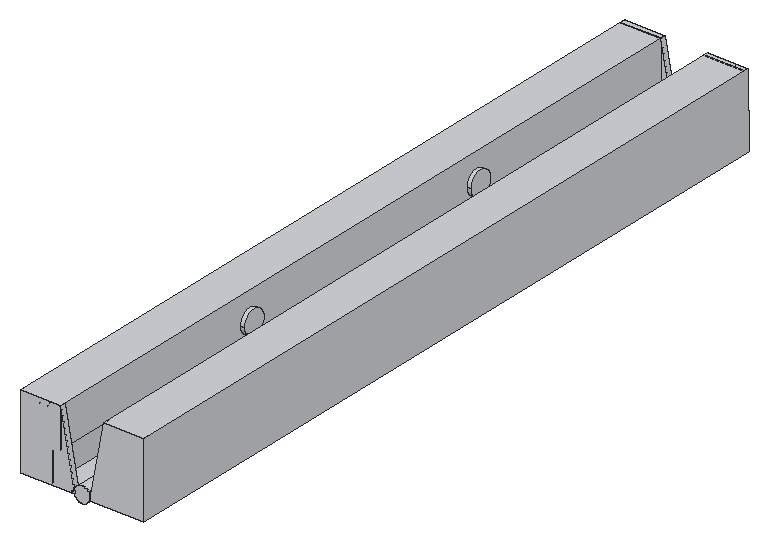
Revit family "MF_OUTSIDE HINGED CORNER 4'_1904166", category Generic Models, Revit 2018
Family settings
  Can host rebar = No
  Round Connector Dimension = Use Diameter
  Part Type = Normal
  OmniClass Number = 35.51.14.00
  OmniClass Title = FORMWORK
  Work Plane-Based = Yes
  Always vertical = No
  Cut with Voids When Loaded = No
  Shared = Yes
  Room Calculation Point = No
Parameters
  VERSION = "20190101"  # constant formula
  URL = "www.ulmaconstruction.com/en"
  UNICLASS = ""
  REAL ANGLE [instance] = if(ANGLE < 65.00°, 65.00°, if(ANGLE < 180.00°, ANGLE, 180.00°))  # 180.00°
  ITEM_CODE = "1904166"
  Manufacturer = "ULMA CONSTRUCTION"  # constant formula
  INSERTION PLANE [instance] = if(REAL ANGLE = 180.00°, 0", (0.15748") / cos(90.00° - REAL ANGLE) + 0.15748" * tan(90.00° - REAL ANGLE))  # 0"
  FILTER [instance] = ""
  Default Elevation = 0"
  CLASSIFICATION_TITLE = ""
  CLASSIFICATION_NUMBER = ""
  ANGLE [instance] = 180.00°
Reference planes (in)
  plane 1 "Centro (Frontal/Posterior)": y = 0
  plane 2: z = 0
  plane 3 "Centro (Izquierda/Derecha)": x = 0
  plane 4 "ITEM_HEIGHT": y = 48
  plane 5 "CENTER": z = 0.15748
  plane 6 "INSERTION PLANE": x = 0
Lines and regions (in)
  reference lines
    curve 1: line (0, 0, 0.15748) -> (8.2515, 0, 0.15748)
Dimensions and locks (in)
  locked: plane 1 "Centro (Frontal/Posterior)" to plane 4 "ITEM_HEIGHT" at 48
  locked: plane 5 "CENTER" to plane 2 at 0.15748
  "INSERTION PLANE": plane 3 "Centro (Izquierda/Derecha)" to plane 6 "INSERTION PLANE"
  "REAL ANGLE": angle plane 5 "CENTER" to curve 1
  aligned and locked: level to plane 2
  aligned and locked: plane 3 "Centro (Izquierda/Derecha)" to curve 1
  aligned and locked: plane 5 "CENTER" to curve 1
  aligned and locked: plane 4 "ITEM_HEIGHT" to nested 2
Nested families (in)
  nested 1: "MEDIA ESCUADRA EXT 4' - 1904948_PANELS" at (0, 0, 0), type "MEDIA ESCUADRA EXT 4' - 1904948_PANELS"
    with FILTER ""
  nested 2: "MEDIA ESCUADRA EXT 4' - 1904948_PANELS" at (0, 48, 0) x (-1, 0, 0) z (0, 0, 1), type "MEDIA ESCUADRA EXT 4' - 1904948_PANELS"
    with FILTER ""
Definition of nested family "MEDIA ESCUADRA EXT 4' - 1904948_PANELS"
  Parameters (values of type "MEDIA ESCUADRA EXT 4' - 1904948_PANELS")
    VERSION = "20190101"  # constant formula
    URL = "www.ulmaconstruction.com/en"
    UNICLASS = ""
    Manufacturer = "ULMA CONSTRUCTION"  # constant formula
    FILTER [instance] = ""
    Default Elevation = 0"
    CLASSIFICATION_TITLE = ""
    CLASSIFICATION_NUMBER = ""
  Reference planes (in)
    plane 1 "Centro (Frontal/Posterior)": y = 0
    plane 2: z = 0
    plane 3 "Centro (Izquierda/Derecha)": x = 0
  Forms (in)
    Extrusion 1, solid
      sketch origin (0, 0, 0) x (1, 0, 0) y (0, 0, 1)
        loop
          circle (0, 0.15748) r 0.49213
      from -48 to 0
    Extrusion 2, solid, detail levels fine
      sketch origin (0, 0, 0) x (1, 0, 0) y (0, 0, 1)
        loop
          line (-3.93701, 4.72441) -> (-3.93701, 0) -> (-0.49213, 0) -> (-1.37063, 4.72441) -> (-3.93701, 4.72441)
      from -0.31496 to 0
    Extrusion 3, solid
      sketch origin (0, 0, 0) x (1, 0, 0) y (0, 0, 1)
        loop
          line (-1.37795, 4.72441) -> (-3.93701, 4.72441) -> (-3.93701, 0) -> (-0.49213, 0) -> (-0.64961, 0.15748) -> (-1.87008, 0.15748) -> (-1.87008, 1.99583) -> (-1.37795, 2.20472) -> (-1.37795, 4.72441)
      from -48 to 0
    Extrusion 4, solid, detail levels fine
      sketch origin (0, 117.95276, 0) x (1, 0, 0) y (0, 0, 1)
        loop
          line (-3.93701, 4.72441) -> (-3.93701, 0) -> (-0.49213, 0) -> (-1.37063, 4.72441) -> (-3.93701, 4.72441)
      from 69.95276 to 70.26772
    Extrusion 5, solid, detail levels fine
      sketch origin (0, 0, 0) x (0, 1, 0) y (0, 0, 1)
        loop
          circle (15, 3.03937) r 0.74803
        loop
          circle (33, 3.03937) r 0.74803
      from -1.37795 to -1.06299
  Lines and regions (in)
    model lines, detail levels fine
      curve 1: circle (-1.06299, 15, 3.03937) r 0.43307 normal (1, 0, 0)
      curve 2: circle (-1.06299, 33, 3.03937) r 0.43307 normal (1, 0, 0)
      curve 3: circle (-3.93701, 15, 3.03937) r 0.43307 normal (1, 0, 0)
      curve 4: circle (-3.93701, 33, 3.03937) r 0.43307 normal (1, 0, 0)
  Dimensions and locks (in)
    aligned and locked: level to plane 2
